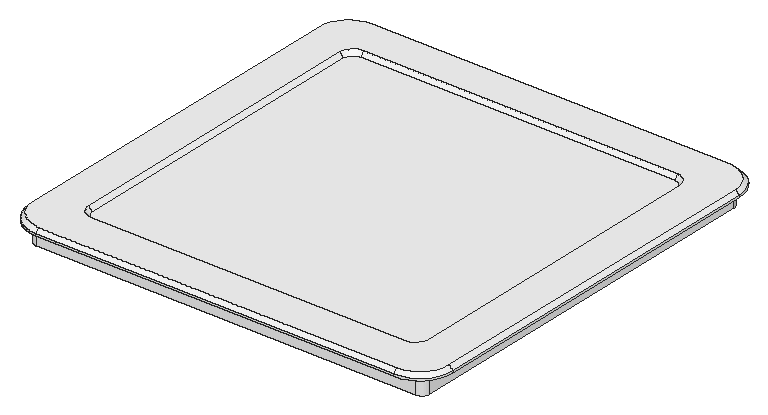
Revit family "0053881 Sylvania Lighting Fixture START eco Downlight Flat Sq 1400lm 840", category Lighting Fixtures, host Face, Revit 2016
Family settings
  Host = Face
  Part Type = Normal
  Round Connector Dimension = Use Diameter
  OmniClass Number = 23.80.70.11.14.11
  OmniClass Title = Downlights
  Cut with Voids When Loaded = No
  Light Source = Yes
  Shared = No
  Room Calculation Point = No
Parameters (values of type "0053881 START eco Downlight Flat Sq 1400lm 840 ")
  Weight = "6.864 kg"
  Wattage Comments = "n/a"
  Wattage = 17 W
  WarrantyStartDate [instance] = "n/a"
  WarrantyGuarantorParts = "n/a"
  WarrantyDurationUnit = "year"
  WarrantyDurationParts = "n/a"
  WarrantyDescription = "n/a"
  built-in parameter 1150110 = 1 (stored number, unit not read)
  Voltage = 230 V
  URL = "http://www.feilosylvania.com"
  TypeName = "START eco Downlight Flat Sq 1400lm 840"
  Type Image = <None>
  Type Comments = "n/a"
  built-in parameter 1114217 = 1 (stored number, unit not read)
  Tilt Angle = -90.00°
  built-in parameter 1150109 = 1 (stored number, unit not read)
  built-in parameter 1150134 = 12
  built-in parameter 1150113 = 1 (stored number, unit not read)
  SerialNumber [instance] = "n/a"
  RadiusRimII_FEILO = RadiusRimI_FEILO + 2 mm  # 17 mm
  RadiusRimI_FEILO = 15 mm
  ReflectorMaterial = none
  RadiusRecessedI_FEILO = 4 mm
  RecessedHeight_FEILO = 27 mm
  RecessedDiameter_FEILO = 205 mm
  RadiusRecessedII_FEILO = 10 mm
  RadiusDiffuserII_FEILO = 5 mm
  RadiusDiffuserI_FEILO = 7 mm
  PowerFactor = 0
  PowerConsumption = "17 W"
  Photometric Web File = "0053296.ies"
  NominalLength = 225 mm
  NominalHeight = 27 mm
  NominalDepth = 225 mm
  Name = "START eco Downlight Flat Sq 1400lm 840"
  ModelReference = Name  # "START eco Downlight Flat Sq 1400lm 840"
  ModelNumber = "0053881"
  Model = Name  # "START eco Downlight Flat Sq 1400lm 840"
  Material = "Polycarbonate"
  ManufacturerName = "Feilo Sylvania"
  Manufacturer = "Feilo Sylvania"
  LuminousEfficacy = "85 lm/W"
  built-in parameter 1150105 = 507.59 (stored number, unit not read)
  Lumens = 1445 lm
  LuminaireType = "LED recessed downlight"
  built-in parameter 1150115 = 1 (stored number, unit not read)
  LightOutputRatio = "1"
  built-in parameter 1150137 = (empty or 0)
  built-in parameter 1150139 = (empty or 0)
  LampsType = Lamp  # "LED"
  LampNominalLuminous = "1440 lm"
  LampMacAdamStep = "5"
  LampColourTemperature = "3000 K"
  LampColourRenderingIndex = "80"
  built-in parameter 1150112 = 1 (stored number, unit not read)
  built-in parameter 1150114 = 1 (stored number, unit not read)
  Lamp = "LED"
  Keynote = "16500"
  InstallationDate [instance] = "n/a"
  InputVoltage = "220-240V~"
  InputNominalFrequency = "50/60 Hz"
  built-in parameter 1150132 = (empty or 0)
  built-in parameter 1150102 = (empty or 0)
  built-in parameter 1150107 = 4000 (stored number, unit not read)
  built-in parameter 1150138 = (empty or 0)
  IngressProtection = "IP20"
  ImpactProtectionIndex = "IK06"
  built-in parameter 1150106 = 5.0759 (stored number, unit not read)
  IfcExportType = "IfcLightFixtureType"
  IfcExportAs = "IfcLightFixtureType"
  ExpectedLife = 50000
  Emit from Rectangle Width = BodyLength_FEILO - 48 mm  # 172 mm
  Emit from Rectangle Length = BodyLength_FEILO - 48 mm  # 172 mm
  Emit Shape Visible in Rendering = no
  ElectricShockClassification = "Class II"
  built-in parameter 1150104 = 7.8968 (stored number, unit not read)
  DurationUnit = "hours"
  DocumentationLiterature = "http://www.feilosylvania.com/product/en-int/products/0053296"
  DimmingControlOptions = "Non dimmable"
  Dimming Lamp Color Temperature Shift = <None>
  DiffuserMaterial = Diffuser-Sylvania-Glow
  Description = "Integrated square recessed 225mm x 225mm LED downlight providing uniform distribution with an opal diffuser, 110° beam angle, 1440LM, 17W, 85lm/W, 4000K, CRI80, non-dimmable, IP20, IK06, 25,000hrs (L70)"
  Default Elevation = 1219.2 mm
  CutoutHeight_FEILO = RecessedHeight_FEILO + 10 mm  # 37 mm
  CreatedOn = "'03-11-2017"
  CreatedBy = "aron.fodor@feilosylvania.com"
  Cost = 0
  Color Filter = 16777215
  built-in parameter 1114216 [instance] = (empty or 0)
  ClassificationValue = "EF_70_80"
  ClassificationName = "Uniclass2015"
  BodyWidth_FEILO = BodyLength_FEILO  # 220 mm
  BodyMaterial = Body-Sylvania-SylFlatDimmable-White
  BodyLength_FEILO = 220 mm
  BarCode [instance] = "n/a"
  built-in parameter 1114218 = 1 (stored number, unit not read)
  built-in parameter 1150133 = 10 (stored number, unit not read)
  AssetType = "Fixed"
  AssetIdentifier [instance] = "n/a"
  Assembly Code = "D5020200"
  Apparent Load = 0 VA
  AccessoryMaterial = Diffuser-Sylvania-Glow
Reference planes
  plane 1 "Center (Front/Back)": y = 0
  plane 2: z = 0
  plane 3 "Center (Left/Right)": x = 0
  plane 4: x = 110
  plane 5: x = -110
  plane 6: y = 110
  plane 7: y = -110
  plane 8: z = 3
  plane 9: z = -27
  plane 10: x = 102.5
  plane 11: x = -102.5
  plane 12: y = 102.5
  plane 13: y = -102.5
  plane 14: z = 2
  plane 15: x = -88.5
  plane 16: z = -27
  plane 17: z = -37
  plane 18: x = -78.5
  plane 19: z = -10
  plane 20: z = 1
  plane 21: x = -108
  plane 22: x = -86.5
  plane 23: y = 88.5
  plane 24: y = -88.5
  plane 25: x = 88.5
  plane 26: x = 86.5
  plane 27: y = 86.5
  plane 28: y = -86.5
  plane 29: y = 78.5
  plane 30: x = 78.5
  plane 31: y = -78.5
  plane 32: y = 108
  plane 33: x = 108
  plane 34: y = -108
Forms (mm)
  Extrusion 1, void
    sketch origin (0, 0, 0) x (1, 0, 0) y (0, 1, 0)
      loop
        line (-102.5, 102.5) -> (-102.5, -102.5) -> (102.5, -102.5) -> (102.5, 102.5) -> (-102.5, 102.5)
    from -37 to 0
  Blend 2, solid, material "Body-Sylvania-SylFlatDimmable-White" <- "BodyMaterial"
    base sketch origin (1223.4, -4572, 3) x (0, -1, 0) y (1, 0, 0)
      loop
        arc (-4680, -1316.4) -> (-4675.607, -1327.007) -> (-4665, -1331.4) r 15
        line (-4665, -1331.4) -> (-4479, -1331.4)
        arc (-4479, -1331.4) -> (-4468.393, -1327.007) -> (-4464, -1316.4) r 15
        line (-4464, -1316.4) -> (-4464, -1130.4)
        arc (-4464, -1130.4) -> (-4468.393, -1119.793) -> (-4479, -1115.4) r 15
        line (-4479, -1115.4) -> (-4665, -1115.4)
        arc (-4665, -1115.4) -> (-4675.607, -1119.793) -> (-4680, -1130.4) r 15
        line (-4680, -1130.4) -> (-4680, -1316.4)
    top sketch origin (1223.4, -4572, 3) x (0, -1, 0) y (1, 0, 0)
      loop
        arc (-4682, -1316.4) -> (-4677.021, -1328.421) -> (-4665, -1333.4) r 17
        line (-4665, -1333.4) -> (-4479, -1333.4)
        arc (-4479, -1333.4) -> (-4466.979, -1328.421) -> (-4462, -1316.4) r 17
        line (-4462, -1316.4) -> (-4462, -1130.4)
        arc (-4462, -1130.4) -> (-4466.979, -1118.379) -> (-4479, -1113.4) r 17
        line (-4479, -1113.4) -> (-4665, -1113.4)
        arc (-4665, -1113.4) -> (-4677.021, -1118.379) -> (-4682, -1130.4) r 17
        line (-4682, -1130.4) -> (-4682, -1316.4)
    from 0 to -2
  Extrusion 3, solid, material "Body-Sylvania-SylFlatDimmable-White" <- "BodyMaterial"
    sketch origin (1223.4, -4572, 1) x (0, -1, 0) y (-1, 0, 0)
      loop
        arc (-4665, 1333.4) -> (-4677.021, 1328.421) -> (-4682, 1316.4) r 17
        line (-4682, 1316.4) -> (-4682, 1130.4)
        arc (-4682, 1130.4) -> (-4677.021, 1118.379) -> (-4665, 1113.4) r 17
        line (-4665, 1113.4) -> (-4479, 1113.4)
        arc (-4479, 1113.4) -> (-4466.979, 1118.379) -> (-4462, 1130.4) r 17
        line (-4462, 1130.4) -> (-4462, 1316.4)
        arc (-4462, 1316.4) -> (-4466.979, 1328.421) -> (-4479, 1333.4) r 17
        line (-4479, 1333.4) -> (-4665, 1333.4)
    from 0 to 1
  Extrusion 4, solid, material "Body-Sylvania-SylFlatDimmable-White" <- "BodyMaterial"
    sketch origin (0, 0, 0) x (1, 0, 0) y (0, 1, 0)
      loop
        arc (-98.5, 102.5) -> (-101.328, 101.328) -> (-102.5, 98.5) r 4
        line (-102.5, 98.5) -> (-102.5, -98.5)
        arc (-102.5, -98.5) -> (-101.328, -101.328) -> (-98.5, -102.5) r 4
        line (-98.5, -102.5) -> (98.5, -102.5)
        arc (98.5, -102.5) -> (101.328, -101.328) -> (102.5, -98.5) r 4
        line (102.5, -98.5) -> (102.5, 98.5)
        arc (102.5, 98.5) -> (101.328, 101.328) -> (98.5, 102.5) r 4
        line (98.5, 102.5) -> (-98.5, 102.5)
    from 0 to -10
  Blend 5, solid, material "Body-Sylvania-SylFlatDimmable-White" <- "BodyMaterial"
    base sketch origin (1223.4, -4572, -10) x (0, -1, 0) y (1, 0, 0)
      loop
        arc (-4660.5, -1301.9) -> (-4657.571, -1308.971) -> (-4650.5, -1311.9) r 10
        line (-4650.5, -1311.9) -> (-4493.5, -1311.9)
        arc (-4493.5, -1311.9) -> (-4486.429, -1308.971) -> (-4483.5, -1301.9) r 10
        line (-4483.5, -1301.9) -> (-4483.5, -1144.9)
        arc (-4483.5, -1144.9) -> (-4486.429, -1137.829) -> (-4493.5, -1134.9) r 10
        line (-4493.5, -1134.9) -> (-4650.5, -1134.9)
        arc (-4650.5, -1134.9) -> (-4657.571, -1137.829) -> (-4660.5, -1144.9) r 10
        line (-4660.5, -1144.9) -> (-4660.5, -1301.9)
    top sketch origin (1223.4, -4572, -10) x (0, -1, 0) y (1, 0, 0)
      loop
        arc (-4650.5, -1291.9) -> (-4647.571, -1298.971) -> (-4640.5, -1301.9) r 10
        line (-4640.5, -1301.9) -> (-4503.5, -1301.9)
        arc (-4503.5, -1301.9) -> (-4496.429, -1298.971) -> (-4493.5, -1291.9) r 10
        line (-4493.5, -1291.9) -> (-4493.5, -1154.9)
        arc (-4493.5, -1154.9) -> (-4496.429, -1147.829) -> (-4503.5, -1144.9) r 10
        line (-4503.5, -1144.9) -> (-4640.5, -1144.9)
        arc (-4640.5, -1144.9) -> (-4647.571, -1147.829) -> (-4650.5, -1154.9) r 10
        line (-4650.5, -1154.9) -> (-4650.5, -1291.9)
    from 0 to -17
  Blend 6, void
    base sketch origin (1223.4, -4572, 3) x (-1, 0, 0) y (0, -1, 0)
      loop
        arc (1304.9, -4660.5) -> (1309.85, -4658.45) -> (1311.9, -4653.5) r 7
        line (1311.9, -4653.5) -> (1311.9, -4490.5)
        arc (1311.9, -4490.5) -> (1309.85, -4485.55) -> (1304.9, -4483.5) r 7
        line (1304.9, -4483.5) -> (1141.9, -4483.5)
        arc (1141.9, -4483.5) -> (1136.95, -4485.55) -> (1134.9, -4490.5) r 7
        line (1134.9, -4490.5) -> (1134.9, -4653.5)
        arc (1134.9, -4653.5) -> (1136.95, -4658.45) -> (1141.9, -4660.5) r 7
        line (1141.9, -4660.5) -> (1304.9, -4660.5)
    top sketch origin (1223.4, -4572, 3) x (-1, 0, 0) y (0, -1, 0)
      loop
        arc (1304.9, -4658.5) -> (1308.436, -4657.036) -> (1309.9, -4653.5) r 5
        line (1309.9, -4653.5) -> (1309.9, -4490.5)
        arc (1309.9, -4490.5) -> (1308.436, -4486.964) -> (1304.9, -4485.5) r 5
        line (1304.9, -4485.5) -> (1141.9, -4485.5)
        arc (1141.9, -4485.5) -> (1138.364, -4486.964) -> (1136.9, -4490.5) r 5
        line (1136.9, -4490.5) -> (1136.9, -4653.5)
        arc (1136.9, -4653.5) -> (1138.364, -4657.036) -> (1141.9, -4658.5) r 5
        line (1141.9, -4658.5) -> (1304.9, -4658.5)
    from 0 to -2
Cuts and joins
  Blend 6 cuts Blend 2
Dimensions and locks
  equal spacing: plane 5, plane 3 "Center (Left/Right)", plane 4
  equal spacing: plane 7, plane 1 "Center (Front/Back)", plane 6
  "BodyWidth_FEILO": plane 7 to plane 6
  "BodyLength_FEILO": plane 5 to plane 4
  locked: plane 8 to plane 2 at 3
  equal spacing: plane 11, plane 3 "Center (Left/Right)", plane 10
  "RecessedDiameter_FEILO": plane 11 to plane 10
  equal spacing: plane 13, plane 1 "Center (Front/Back)", plane 12
  "RecessedDiameter_FEILO": plane 13 to plane 12
  locked: plane 14 to plane 2 at 2
  "RecessedHeight_FEILO": plane 2 to plane 16
  "CutoutHeight_FEILO": plane 2 to plane 17
  locked: plane 2 to plane 19 at 10
  locked: plane 20 to plane 2 at 1
  locked: plane 5 to plane 21 at 2
  locked: plane 11 to plane 15 at 14
  locked: plane 15 to plane 22 at 2
  locked: plane 22 to plane 18 at 8
  locked: plane 23 to plane 12 at 14
  locked: plane 27 to plane 23 at 2
  locked: plane 29 to plane 27 at 8
  equal spacing: plane 18, plane 3 "Center (Left/Right)", plane 30
  equal spacing: plane 22, plane 3 "Center (Left/Right)", plane 26
  equal spacing: plane 15, plane 3 "Center (Left/Right)", plane 25
  equal spacing: plane 31, plane 1 "Center (Front/Back)", plane 29
  equal spacing: plane 28, plane 1 "Center (Front/Back)", plane 27
  equal spacing: plane 24, plane 1 "Center (Front/Back)", plane 23
  equal spacing: plane 34, plane 1 "Center (Front/Back)", plane 32
  locked: plane 32 to plane 6 at 2
  equal spacing: plane 21, plane 3 "Center (Left/Right)", plane 33
  "RadiusRimI_FEILO": radius of Blend 2 sketch curve  (x4)
  "RadiusRimII_FEILO": radius of Blend 2 sketch curve  (x4)
  "RadiusRecessedI_FEILO": radius of Extrusion 4 sketch curve  (x4)
  "RadiusRecessedII_FEILO": radius of Blend 5 sketch curve  (x8)
  "RadiusDiffuserI_FEILO": radius of Blend 6 sketch curve  (x4)
  "RadiusDiffuserII_FEILO": radius of Blend 6 sketch curve  (x4)
  aligned and locked: plane 2 to host face
  aligned and locked: level to host face
  aligned and locked: plane 3 "Center (Left/Right)" to imposter light
  aligned and locked: imposter light to plane 14
  aligned and locked: imposter light to plane 1 "Center (Front/Back)"
  aligned and locked: plane 12 to Extrusion 1 sketch curve
  aligned and locked: plane 11 to Extrusion 1 sketch curve
  aligned and locked: Extrusion 1 sketch curve to plane 13
  aligned and locked: Extrusion 1 sketch curve to plane 10
  aligned and locked: plane 17 to Extrusion 1
  aligned and locked: level to Extrusion 1
  aligned and locked: Blend 2 sketch curve to plane 21
  aligned and locked: plane 34 to Blend 2 sketch curve
  aligned and locked: plane 33 to Blend 2 sketch curve
  aligned and locked: plane 32 to Blend 2 sketch curve
  aligned and locked: Blend 2 sketch curve to plane 6
  aligned and locked: Blend 2 sketch curve to plane 5
  aligned and locked: plane 7 to Blend 2 sketch curve
  aligned and locked: plane 4 to Blend 2 sketch curve
  aligned and locked: plane 20 to Blend 2
  aligned and locked: Blend 2 to plane 8
  aligned and locked: Extrusion 3 sketch curve to Blend 2  (x4)
  aligned and locked: Extrusion 3 to plane 20
  aligned and locked: Extrusion 3 to level
  aligned and locked: plane 12 to Extrusion 4 sketch curve
  aligned and locked: plane 11 to Extrusion 4 sketch curve
  aligned and locked: Extrusion 4 sketch curve to plane 13
  aligned and locked: Extrusion 4 sketch curve to plane 10
  aligned and locked: level to Extrusion 4
  aligned and locked: plane 19 to Extrusion 4
  aligned and locked: Blend 5 sketch curve to plane 15
  aligned and locked: plane 24 to Blend 5 sketch curve
  aligned and locked: plane 25 to Blend 5 sketch curve
  aligned and locked: plane 23 to Blend 5 sketch curve
  aligned and locked: Blend 5 sketch curve to plane 29
  aligned and locked: Blend 5 sketch curve to plane 18
  aligned and locked: plane 31 to Blend 5 sketch curve
  aligned and locked: plane 30 to Blend 5 sketch curve
  aligned and locked: plane 19 to Blend 5
  aligned and locked: plane 9 to Blend 5
  aligned and locked: Blend 6 sketch curve to plane 24
  aligned and locked: Blend 6 sketch curve to plane 25
  aligned and locked: plane 23 to Blend 6 sketch curve
  aligned and locked: plane 15 to Blend 6 sketch curve
  aligned and locked: Blend 6 sketch curve to plane 28
  aligned and locked: Blend 6 sketch curve to plane 26
  aligned and locked: plane 27 to Blend 6 sketch curve
  aligned and locked: plane 22 to Blend 6 sketch curve
  aligned and locked: plane 20 to Blend 6
  aligned and locked: Blend 6 to plane 8
Automatic sketch dimensions
  host sketch curve to host sketch curve = 2438.4 mm  (x2)
Connectors
  electrical at (0, 0, 0), driven by "Apparent Load", driven by "PowerFactor", driven by "Voltage"
    settings: index 1, voltage 230 V, apparent load 0 VA, apparent load phase1 0 VA, apparent load phase2 0 VA, apparent load phase3 0 VA, power factor 0, load classification "Lighting", number of poles 1, system type 30, power factor state 1, is connector primary yes, connector utility no, sub classification motor no, connector description ""
